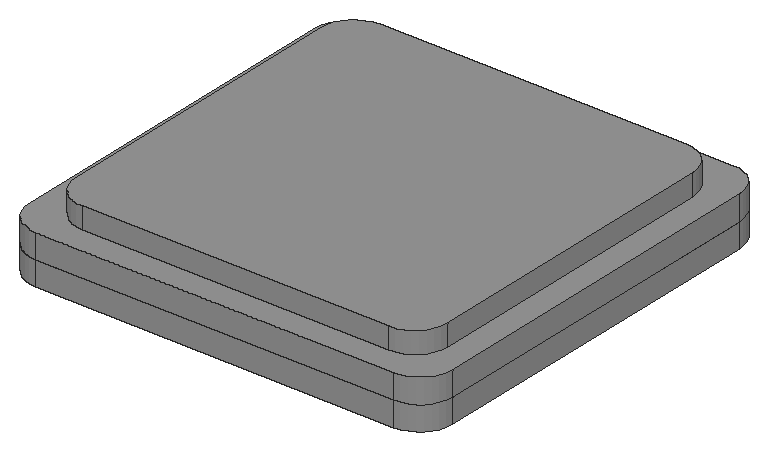
Revit family "FMS2_63_UN_Surface-mounted_ETK", category Lighting Fixtures, Revit 2019 (continued)
Definition of nested family "FMS.2 - Lightsource"
  Types (14, lengths in mm): name | Wattage Comments | Wattage | built-in parameter 1150134 | Photometric Web File | built-in parameter 1150142 | built-in parameter 1150105 | Lumens | built-in parameter 1150107 | built-in parameter 1150106 | Apparent Load
      9.7902\t542.9214\t536.0526\t529.1838\t521.4564\r\n513.4428\t505.7154\t497.988\t490.2606\t482.247\t474.5196\t466.7922\t459.0648\t451.3374\t443.61\r\n435.8826\t428.1552\t420.4278\t412.7004\t404.973\t397.5318\t389.8044\t382.077\t374.0634\t366.0498\r\n358.0362\t350.0226\t342.009\t333.9954\t325.9818\t317.9682\t309.9546\t301.941\t294.2136\t286.2\r\n278.3009\t270.4018\t262.5026\t254.6035\t246.733\t238.8625\t231.6789\t224.4953\t217.3403\t210.1853\r\n203.0303\t195.8753\t188.7489\t181.6225\t174.5248\t167.3984\t160.3006\t153.2029\t146.1051\t139.036\r\n131.9382\t124.8691\t117.7999\t108.5557\t95.5336\t82.4828\t69.4607\t56.4386\t43.4165\t30.3944\r\n17.3752\t4.3531\t0\t0\t0\t0\t0\t0\t0\t0\r\n0\r\n985.6728\t984.8142\t983.9556\t983.3832\t982.2384\t981.3798\t980.5212\t979.6626\t978.804\t977.9454\r\n976.8006\t975.942\t975.0834\t973.9386\t973.08\t971.649\t970.5042\t969.0732\t967.9284\t966.7836\r\n965.925\t964.7802\t963.063\t961.632\t960.201\t957.6252\t954.7632\t951.9012\t949.3254\t946.4634\r\n943.6014\t940.4532\t937.5912\t934.443\t931.0086\t927.8604\t924.9984\t921.8502\t918.9882\t915.84\r\n912.4056\t908.9712\t905.5368\t902.1024\t898.9542\t895.806\t892.3716\t888.9372\t885.5028\t880.6374\r\n876.0582\t871.479\t866.8998\t862.3206\t857.4552\t852.5898\t847.4382\t842.5728\t837.7074\t832.842\r\n827.9766\t822.825\t817.9596\t813.0942\t808.515\t803.6496\t798.7842\t793.6326\t788.7672\t783.9018\r\n778.7502\t773.0262\t766.7298\t760.4334\t754.4232\t748.1268\t742.1166\t735.8202\t729.81\t723.2274\r\n716.931\t710.6346\t704.3382\t698.328\t692.0316\t685.7352\t679.725\t673.4286\t667.1322\t660.8358\r\n654.8256\t648.5292\t641.6604\t634.7916\t627.6366\t620.4816\t613.3266\t606.1716\t599.0166\t591.8616\r\n584.7066\t577.5516\t570.6828\t563.5278\t556.3728\t549.504\t542.349\t535.194\t528.039\t520.884\r\n514.0152\t506.8602\t498.8466\t491.1192\t483.1056\t475.3782\t467.3646\t459.6372\t451.9098\t443.8962\r\n436.1688\t428.4414\t420.714\t412.9866\t404.973\t397.2456\t389.5182\t381.5046\t373.7772\t366.0498\r\n358.3224\t350.3088\t342.2952\t334.2816\t326.268\t318.5406\t310.527\t302.5134\t294.4998\t286.7724\r\n278.816\t270.9455\t263.1037\t255.2618\t247.4199\t239.6066\t231.7934\t224.1232\t217.0255\t209.9277\r\n202.8586\t195.7894\t188.7489\t181.7084\t174.6965\t167.6846\t160.6727\t153.6608\t146.6775\t139.6656\r\n132.7109\t125.7277\t118.773\t111.8183\t102.1734\t89.0654\t75.9575\t62.8781\t49.7702\t36.6908\r\n23.5915\t10.4978\t0\t0\t0\t0\t0\t0\t0\t0\r\n0\r\n985.6728\t984.8142\t984.2418\t983.3832\t982.5246\t981.666\t980.5212\t979.6626\t978.804\t977.9454\r\n977.0868\t976.2282\t975.0834\t973.9386\t972.7938\t971.3628\t970.218\t969.0732\t968.2146\t966.7836\r\n965.3526\t963.9216\t962.2044\t960.7734\t959.3424\t957.9114\t956.4804\t953.6184\t950.7564\t947.6082\r\n944.46\t941.0256\t938.1636\t935.3016\t932.1534\t929.0052\t925.5708\t921.8502\t918.4158\t915.2676\r\n912.1194\t908.9712\t905.2506\t901.8162\t898.3818\t894.9474\t891.513\t888.0786\t884.358\t880.6374\r\n876.6306\t872.6238\t867.7584\t863.1792\t858.3138\t853.1622\t848.2968\t843.4314\t838.2798\t833.1282\r\n828.2628\t823.1112\t817.9596\t813.0942\t807.9426\t802.791\t797.6394\t792.4878\t787.3362\t782.1846\r\n777.033\t771.8814\t766.7298\t761.5782\t756.4266\t750.1302\t743.8338\t737.5374\t731.241\t724.9446\r\n718.6482\t712.0656\t705.7692\t699.1866\t692.604\t686.0214\t679.725\t673.1424\t666.846\t660.2634\r\n653.967\t647.3844\t640.8018\t634.5054\t627.9228\t621.6264\t614.7576\t607.3164\t600.1614\t592.7202\r\n585.5652\t578.124\t570.969\t563.5278\t556.3728\t549.2178\t541.7766\t534.6216\t527.4666\t520.3116\r\n512.8704\t505.7154\t498.5604\t491.4054\t484.2504\t476.8092\t468.7956\t460.782\t453.0546\t445.041\r\n437.3136\t429.3\t421.2864\t413.2728\t405.5454\t397.5318\t389.8044\t381.7908\t374.0634\t366.0498\r\n358.3224\t350.595\t342.8676\t334.854\t326.8404\t318.8268\t311.0994\t303.0858\t295.0722\t287.3448\r\n279.3884\t271.5179\t263.6474\t255.8056\t247.9923\t240.179\t232.3944\t224.6384\t216.911\t209.2981\r\n202.2862\t195.3315\t188.3482\t181.3936\t174.4675\t167.5415\t160.6441\t153.7466\t146.8778\t140.009\r\n133.1689\t126.3287\t119.4885\t112.6769\t105.8654\t96.6211\t83.4273\t70.2621\t57.0969\t43.9031\r\n30.7379\t17.5498\t4.3703\t0\t0\t0\t0\t0\t0\t0\r\n0\r\n985.6728\t985.1004\t984.2418\t983.3832\t982.5246\t981.666\t980.8074\t979.9488\t979.0902\t978.2316\r\n977.373\t976.5144\t975.3696\t973.9386\t972.5076\t971.649\t970.5042\t969.3594\t967.9284\t966.4974\r\n964.7802\t963.3492\t961.632\t960.201\t958.77\t957.339\t955.6218\t953.6184\t951.9012\t948.753\r\n945.891\t943.029\t939.5946\t936.1602\t932.4396\t929.2914\t926.1432\t922.995\t919.5606\t915.84\r\n912.4056\t908.9712\t905.5368\t902.1024\t898.0956\t894.0888\t890.3682\t886.6476\t883.2132\t879.4926\r\n875.4858\t871.479\t867.4722\t863.4654\t859.4586\t854.8794\t849.7278\t844.8624\t839.7108\t834.273\r\n829.1214\t823.6836\t818.532\t813.3804\t807.9426\t802.791\t797.6394\t792.4878\t787.3362\t781.8984\r\n776.4606\t771.0228\t765.585\t760.1472\t754.7094\t748.9854\t743.5476\t737.8236\t732.672\t726.6618\r\n720.0792\t713.4966\t706.914\t700.3314\t693.7488\t687.1662\t680.5836\t674.001\t667.1322\t660.5496\r\n653.967\t647.0982\t640.5156\t633.933\t627.0642\t620.4816\t613.899\t607.3164\t600.4476\t593.865\r\n586.9962\t579.555\t572.1138\t564.6726\t557.2314\t549.7902\t542.349\t534.9078\t527.4666\t520.0254\r\n512.5842\t505.4292\t497.988\t490.5468\t483.1056\t475.9506\t468.5094\t461.3544\t453.9132\t446.472\r\n438.4584\t430.4448\t422.4312\t414.1314\t406.1178\t398.1042\t390.0906\t382.077\t374.3496\t366.336\r\n358.3224\t350.595\t342.5814\t334.854\t326.8404\t319.113\t311.3856\t303.372\t295.3584\t287.631\r\n279.6746\t271.8328\t264.0481\t256.2635\t248.5075\t240.7514\t233.024\t225.3253\t217.6551\t209.9849\r\n202.3434\t194.7019\t187.7472\t180.907\t174.0668\t167.2553\t160.4723\t153.718\t146.9637\t140.238\r\n133.5123\t126.8152\t120.1181\t113.4497\t106.8098\t100.17\t92.0992\t78.7909\t65.4826\t52.1743\r\n38.866\t25.5577\t12.2465\t0\t0\t0\t0\t0\t0\t0\r\n0\r\n985.6728\t985.1004\t984.2418\t983.6694\t982.8108\t981.9522\t981.0936\t980.235\t979.6626\t978.804\r\n977.6592\t976.5144\t975.3696\t973.9386\t972.7938\t971.9352\t970.7904\t969.0732\t967.6422\t966.2112\r\n964.494\t963.063\t961.3458\t959.9148\t958.1976\t956.1942\t954.1908\t952.7598\t951.0426\t949.3254\r\n946.7496\t943.8876\t940.4532\t937.5912\t934.443\t931.0086\t927.288\t923.8536\t920.4192\t916.9848\r\n913.2642\t909.2574\t905.5368\t901.8162\t898.3818\t894.6612\t890.6544\t886.3614\t882.3546\t878.3478\r\n874.341\t870.3342\t866.3274\t862.3206\t857.7414\t853.4484\t849.1554\t844.8624\t840.5694\t836.5626\r\n831.411\t826.2594\t820.8216\t815.0976\t809.3736\t803.9358\t798.2118\t792.774\t787.05\t781.6122\r\n775.8882\t770.4504\t765.0126\t759.5748\t753.8508\t748.1268\t742.4028\t736.6788\t730.9548\t725.2308\r\n719.5068\t713.7828\t708.0588\t702.3348\t696.3246\t689.4558\t682.587\t675.7182\t668.8494\t661.9806\r\n655.1118\t648.5292\t641.3742\t634.5054\t627.3504\t620.4816\t613.6128\t606.744\t599.8752\t592.7202\r\n585.8514\t578.9826\t572.1138\t565.245\t558.09\t551.5074\t543.78\t536.3388\t528.6114\t520.884\r\n513.1566\t505.4292\t497.988\t490.5468\t482.8194\t475.3782\t467.937\t460.2096\t452.7684\t445.3272\r\n437.886\t430.4448\t423.0036\t415.5624\t407.835\t399.5352\t391.5216\t383.2218\t375.2082\t367.1946\r\n359.181\t351.1674\t343.1538\t335.1402\t327.1266\t319.113\t311.3856\t303.372\t295.6446\t287.9172\r\n280.0181\t272.1762\t264.3629\t256.5783\t248.8509\t241.1235\t233.4533\t225.8118\t218.2275\t210.6432\r\n203.0875\t195.5605\t188.062\t180.5922\t173.38\t166.6829\t159.9858\t153.346\t146.7347\t140.1235\r\n133.5695\t127.0156\t120.4902\t113.9648\t107.4681\t101\t94.5319\t88.0637\t75.0416\t61.5616\r\n48.0816\t34.573\t21.0872\t7.5929\t0\t0\t0\t0\t0\t0\r\n0\r\n985.6728\t985.1004\t984.528\t983.6694\t982.8108\t981.9522\t981.3798\t980.8074\t979.9488\t979.0902\r\n978.2316\t976.8006\t975.3696\t974.2248\t973.3662\t972.2214\t970.7904\t969.0732\t967.6422\t965.925\r\n964.494\t962.7768\t961.3458\t959.3424\t957.339\t955.6218\t953.9046\t952.1874\t949.6116\t947.0358\r\n945.0324\t943.029\t941.0256\t938.4498\t935.874\t932.7258\t929.2914\t925.857\t921.8502\t918.1296\r\n914.409\t910.9746\t907.254\t903.2472\t898.9542\t894.9474\t890.9406\t886.9338\t882.6408\t878.634\r\n874.341\t869.7618\t865.4688\t861.1758\t856.8828\t852.5898\t848.2968\t844.0038\t839.4246\t834.5592\r\n829.6938\t825.1146\t820.2492\t815.67\t811.0908\t806.2254\t800.5014\t795.0636\t789.3396\t783.6156\r\n777.6054\t771.5952\t765.585\t759.5748\t753.8508\t747.8406\t742.1166\t736.1064\t730.0962\t724.086\r\n718.0758\t712.3518\t706.3416\t700.3314\t694.3212\t688.0248\t682.0146\t676.0044\t669.9942\t663.984\r\n657.6876\t650.8188\t643.6638\t636.2226\t629.0676\t621.9126\t614.7576\t607.8888\t600.4476\t593.2926\r\n585.8514\t578.6964\t571.5414\t564.3864\t557.2314\t550.0764\t542.9214\t535.7664\t528.6114\t521.4564\r\n514.3014\t507.1464\t499.7052\t491.6916\t483.9642\t476.2368\t468.2232\t460.4958\t452.7684\t445.041\r\n437.3136\t429.5862\t422.145\t414.4176\t406.9764\t399.249\t391.8078\t384.3666\t376.9254\t368.9118\r\n360.8982\t352.5984\t344.2986\t335.9988\t327.9852\t319.9716\t311.958\t303.9444\t296.217\t288.2034\r\n280.2184\t272.3193\t264.4488\t256.6069\t248.9368\t241.2952\t233.6823\t226.1266\t218.5709\t211.0439\r\n203.5454\t196.1042\t188.6917\t181.3363\t174.0382\t166.7687\t159.4993\t152.7163\t146.2196\t139.7515\r\n133.312\t126.9297\t120.5474\t114.1938\t107.8688\t101.5724\t95.3046\t89.0368\t82.7977\t72.4372\r\n58.6424\t44.8762\t31.0813\t17.3037\t3.5117\t0\t0\t0\t0\t0\r\n0\r\n985.6728\t985.1004\t984.528\t983.9556\t983.097\t982.2384\t981.666\t981.0936\t980.235\t979.3764\r\n978.2316\t976.8006\t975.942\t974.7972\t973.9386\t972.5076\t970.7904\t969.3594\t967.6422\t966.2112\r\n964.494\t963.063\t961.0596\t959.0562\t957.339\t955.6218\t953.3322\t950.7564\t948.4668\t946.4634\r\n944.46\t941.8842\t939.3084\t937.0188\t934.443\t931.8672\t929.0052\t926.1432\t923.5674\t920.9916\r\n917.271\t912.978\t908.685\t904.9644\t900.9576\t896.6646\t892.3716\t888.0786\t883.7856\t879.4926\r\n874.9134\t870.6204\t866.3274\t862.0344\t857.4552\t852.876\t848.0106\t843.1452\t838.2798\t833.4144\r\n828.8352\t824.256\t819.3906\t814.5252\t809.6598\t804.5082\t799.3566\t794.205\t788.7672\t783.6156\r\n778.464\t773.0262\t767.8746\t761.8644\t755.8542\t749.844\t743.8338\t737.5374\t731.241\t724.9446\r\n718.362\t712.0656\t706.0554\t699.759\t693.4626\t687.1662\t680.5836\t674.2872\t667.7046\t661.4082\r\n655.1118\t648.5292\t641.9466\t635.364\t629.0676\t622.7712\t616.1886\t609.606\t603.0234\t595.8684\r\n588.7134\t581.5584\t573.831\t566.3898\t558.9486\t551.2212\t543.4938\t536.0526\t528.3252\t520.884\r\n513.4428\t506.0016\t498.8466\t491.4054\t483.9642\t476.2368\t468.7956\t461.6406\t454.1994\t446.472\r\n438.4584\t430.4448\t422.4312\t414.7038\t406.6902\t398.9628\t390.9492\t383.2218\t375.4944\t367.4808\r\n359.7534\t352.3122\t344.5848\t336.8574\t329.4162\t321.4026\t313.389\t305.0892\t297.0756\t289.062\r\n280.9912\t273.0348\t265.1357\t257.2652\t249.4519\t241.6959\t233.9685\t226.2983\t218.6854\t211.187\r\n203.7458\t196.3618\t189.0065\t181.737\t174.4961\t167.3411\t160.2148\t153.1456\t146.1337\t139.1504\r\n132.6251\t126.3573\t120.1754\t113.9935\t107.8688\t101.7441\t95.6767\t89.6378\t83.599\t77.6174\r\n71.0062\t56.7821\t42.5579\t28.3309\t14.1011\t0\t0\t0\t0\t0\r\n0\r\n985.6728\t985.1004\t984.8142\t983.9556\t983.3832\t982.5246\t981.9522\t981.3798\t980.8074\t979.9488\r\n978.5178\t977.373\t976.5144\t975.6558\t974.2248\t972.7938\t971.0766\t969.6456\t967.9284\t966.4974\r\n965.0664\t963.063\t961.0596\t959.3424\t957.6252\t955.3356\t952.7598\t950.4702\t948.4668\t946.1772\r\n943.6014\t941.0256\t938.4498\t936.1602\t933.2982\t930.15\t927.5742\t924.9984\t922.1364\t918.702\r\n915.2676\t912.4056\t909.2574\t905.823\t902.3886\t898.9542\t894.9474\t890.3682\t886.0752\t881.7822\r\n877.4892\t873.1962\t868.3308\t863.7516\t858.8862\t854.0208\t849.1554\t844.29\t839.7108\t834.5592\r\n829.6938\t824.5422\t819.3906\t814.239\t809.0874\t803.6496\t798.498\t793.0602\t787.6224\t782.1846\r\n776.7468\t771.5952\t766.1574\t760.4334\t754.7094\t748.9854\t743.2614\t737.5374\t731.8134\t726.0894\r\n720.3654\t714.9276\t708.345\t701.7624\t694.8936\t688.311\t681.7284\t674.8596\t668.277\t661.6944\r\n654.8256\t648.243\t641.6604\t634.7916\t627.9228\t621.3402\t614.4714\t607.6026\t600.7338\t593.865\r\n586.9962\t580.1274\t572.9724\t566.1036\t559.2348\t552.6522\t545.7834\t539.2008\t532.0458\t524.0322\r\n516.3048\t508.2912\t500.2776\t492.5502\t484.5366\t476.8092\t469.0818\t461.3544\t453.627\t445.8996\r\n438.1722\t430.4448\t422.7174\t414.99\t407.2626\t399.5352\t391.8078\t384.0804\t376.0668\t368.0532\r\n360.0396\t352.026\t344.0124\t336.285\t328.2714\t320.2578\t312.5304\t304.803\t297.0756\t289.3482\r\n281.907\t274.3227\t266.2232\t258.181\t250.196\t242.2969\t234.455\t226.7276\t219.0575\t211.4446\r\n203.8889\t196.4191\t188.9779\t181.7084\t174.5248\t167.427\t160.4151\t153.4604\t146.563\t139.7515\r\n132.9971\t126.3001\t119.6888\t113.3924\t107.4109\t101.4865\t95.6194\t89.7809\t83.9711\t78.1898\r\n72.4658\t66.7418\t56.2097\t41.2987\t26.3819\t11.4394\t0\t0\t0\t0\r\n0\r\n985.6728\t985.3866\t984.8142\t984.2418\t983.3832\t983.097\t982.5246\t981.9522\t981.3798\t980.235\r\n979.0902\t977.9454\t977.0868\t976.2282\t974.7972\t973.08\t971.649\t969.9318\t968.5008\t967.0698\r\n965.3526\t963.3492\t961.632\t959.9148\t957.6252\t955.0494\t952.7598\t950.7564\t948.4668\t945.891\r\n943.6014\t941.0256\t938.4498\t935.3016\t932.4396\t929.8638\t927.288\t923.8536\t920.4192\t917.271\r\n914.1228\t910.9746\t907.5402\t904.1058\t900.3852\t896.6646\t892.944\t889.5096\t885.789\t882.0684\r\n878.0616\t874.0548\t870.048\t865.755\t861.462\t857.169\t852.3036\t847.152\t842.2866\t837.135\r\n831.9834\t826.8318\t821.6802\t816.2424\t811.0908\t805.3668\t799.929\t794.205\t788.7672\t783.3294\r\n777.6054\t771.8814\t766.1574\t760.4334\t754.7094\t748.6992\t742.689\t736.6788\t730.6686\t724.6584\r\n718.6482\t712.3518\t706.3416\t700.0452\t694.035\t687.7386\t681.4422\t675.1458\t669.1356\t662.8392\r\n655.9704\t649.3878\t643.0914\t636.795\t630.2124\t623.0574\t615.9024\t608.7474\t601.5924\t594.1512\r\n586.9962\t579.8412\t572.6862\t565.5312\t558.09\t550.935\t543.4938\t536.3388\t528.8976\t521.7426\r\n514.3014\t507.1464\t499.9914\t492.8364\t485.6814\t478.2402\t471.0852\t463.644\t456.489\t448.7616\r\n440.4618\t432.162\t424.1484\t416.1348\t408.1212\t400.1076\t392.094\t384.0804\t375.7806\t367.767\r\n360.0396\t352.3122\t344.2986\t336.5712\t328.8438\t321.1164\t313.389\t305.3754\t297.0756\t289.062\r\n281.077\t273.2638\t265.4791\t257.7803\t250.0816\t242.4686\t234.9416\t227.5576\t220.2881\t212.5321\r\n204.7761\t197.1059\t189.5216\t182.0518\t174.7537\t167.5701\t160.4723\t153.4891\t146.563\t139.7801\r\n133.083\t126.4718\t119.9464\t113.5069\t107.1533\t100.8569\t94.7608\t89.1227\t83.5418\t78.0181\r\n72.5231\t67.0853\t61.7047\t56.3242\t41.3559\t25.2972\t9.2128\t0\t0\t0\r\n0\r\n985.6728\t985.3866\t984.8142\t984.2418\t983.6694\t983.3832\t982.8108\t982.2384\t981.666\t980.8074\r\n979.3764\t978.5178\t977.9454\t976.8006\t975.3696\t973.9386\t972.2214\t970.7904\t969.3594\t967.6422\r\n965.925\t963.9216\t962.2044\t960.4872\t957.9114\t955.3356\t953.3322\t951.3288\t948.753\t946.4634\r\n943.8876\t941.3118\t938.4498\t935.3016\t932.7258\t930.15\t926.7156\t923.2812\t919.8468\t916.9848\r\n913.5504\t910.116\t906.6816\t902.961\t899.2404\t895.5198\t891.7992\t888.3648\t884.358\t880.3512\r\n876.3444\t871.7652\t867.4722\t863.4654\t859.1724\t854.8794\t850.3002\t845.721\t841.1418\t836.5626\r\n831.9834\t827.118\t822.5388\t817.3872\t812.2356\t807.3702\t802.2186\t797.3532\t792.2016\t786.7638\r\n781.326\t775.602\t769.5918\t763.2954\t757.2852\t750.9888\t744.9786\t738.9684\t732.9582\t726.6618\r\n720.3654\t714.069\t707.7726\t701.4762\t694.8936\t688.5972\t682.0146\t675.432\t668.5632\t661.9806\r\n655.1118\t648.5292\t641.9466\t635.364\t628.4952\t621.6264\t614.7576\t607.8888\t601.02\t594.1512\r\n586.9962\t580.1274\t572.9724\t566.1036\t558.9486\t551.7936\t544.6386\t537.7698\t530.6148\t523.746\r\n516.3048\t508.5774\t500.5638\t492.8364\t485.109\t477.3816\t469.6542\t461.9268\t454.1994\t446.472\r\n438.7446\t431.0172\t423.0036\t415.2762\t407.835\t400.1076\t392.3802\t384.6528\t377.2116\t369.4842\r\n362.043\t354.3156\t346.5882\t338.2884\t329.9886\t321.975\t313.6752\t305.3754\t297.3618\t289.3482\r\n281.4491\t273.5213\t265.6508\t257.8948\t250.2247\t242.669\t235.0847\t227.2714\t219.5154\t211.8739\r\n204.3468\t196.9056\t189.5789\t182.3666\t175.3261\t168.4001\t161.3309\t154.1473\t147.1068\t140.1521\r\n133.3692\t126.7294\t120.204\t113.7645\t107.5253\t101.4007\t95.3618\t89.4089\t83.5418\t77.7892\r\n72.4372\t67.2284\t62.1054\t57.0397\t52.0312\t44.0748\t25.7923\t7.4555\t0\t0\r\n0\r\n985.6728\t985.3866\t985.1004\t984.528\t983.9556\t983.6694\t983.3832\t982.8108\t982.2384\t981.0936\r\n979.9488\t979.3764\t978.804\t977.373\t976.2282\t974.511\t973.08\t971.649\t970.218\t968.5008\r\n966.7836\t965.0664\t963.3492\t961.0596\t958.77\t956.4804\t954.477\t952.1874\t949.8978\t947.322\r\n944.7462\t941.8842\t939.0222\t936.1602\t933.5844\t930.7224\t927.0018\t923.5674\t920.7054\t917.271\r\n914.1228\t910.6884\t906.9678\t903.2472\t899.5266\t895.806\t892.0854\t888.3648\t884.358\t880.065\r\n875.4858\t871.1928\t866.8998\t862.893\t858.3138\t853.7346\t849.1554\t844.29\t839.7108\t834.8454\r\n830.2662\t825.4008\t820.2492\t814.8114\t809.946\t805.0806\t799.929\t794.7774\t789.6258\t784.188\r\n778.7502\t773.0262\t767.3022\t761.5782\t755.8542\t750.4164\t744.6924\t738.9684\t733.2444\t727.2342\r\n721.224\t715.2138\t709.2036\t703.1934\t696.897\t690.8868\t684.5904\t678.0078\t671.4252\t665.1288\r\n658.8324\t652.536\t645.9534\t638.7984\t631.9296\t625.0608\t618.192\t610.7508\t603.3096\t596.1546\r\n589.2858\t581.8446\t574.4034\t567.2484\t560.0934\t552.9384\t545.4972\t537.7698\t530.3286\t522.6012\r\n515.16\t507.7188\t500.2776\t492.5502\t485.109\t477.3816\t469.9404\t462.213\t454.4856\t446.7582\r\n439.0308\t431.0172\t423.576\t415.8486\t408.1212\t400.3938\t392.6664\t385.2252\t377.4978\t369.7704\r\n361.4706\t353.457\t345.1572\t337.1436\t328.8438\t321.1164\t313.389\t305.3754\t297.3618\t289.3482\r\n281.5922\t273.8362\t266.1374\t258.5245\t250.9974\t243.5276\t236.0864\t228.3304\t220.345
      4\t212.5035\r\n204.7475\t197.1918\t189.6934\t182.2808\t175.0113\t167.8277\t160.8158\t153.8325\t146.8778\t140.0949\r\n133.3978\t126.9011\t120.6047\t114.5086\t108.155\t101.6869\t95.4477\t89.4661\t83.7421\t78.1326\r\n72.6376\t67.2856\t62.0768\t57.0397\t52.4032\t47.8813\t43.4452\t29.5072\t6.0932\t0\r\n0\r\n985.6728\t985.3866\t985.1004\t984.8142\t984.2418\t983.9556\t983.6694\t983.3832\t983.097\t981.9522\r\n980.5212\t980.235\t979.6626\t978.2316\t977.0868\t975.6558\t973.9386\t972.7938\t971.3628\t969.6456\r\n967.9284\t966.2112\t964.7802\t962.4906\t959.9148\t957.9114\t955.908\t953.6184\t951.3288\t949.0392\r\n946.4634\t943.3152\t940.4532\t937.8774\t935.3016\t931.8672\t928.1466\t924.9984\t922.1364\t918.9882\r\n915.5538\t912.1194\t908.685\t904.6782\t900.9576\t897.237\t893.8026\t889.7958\t885.5028\t881.2098\r\n876.6306\t872.3376\t868.3308\t863.7516\t859.4586\t854.5932\t850.014\t845.1486\t840.2832\t835.4178\r\n830.8386\t825.687\t820.2492\t815.3838\t810.5184\t805.3668\t800.2152\t795.0636\t789.6258\t784.188\r\n778.1778\t772.74\t767.016\t761.0058\t754.9956\t749.5578\t744.12\t738.1098\t732.0996\t725.8032\r\n719.793\t713.4966\t707.4864\t701.4762\t695.1798\t688.5972\t682.0146\t675.7182\t669.1356\t662.553\r\n656.2566\t649.674\t642.8052\t636.2226\t629.9262\t623.0574\t615.9024\t608.7474\t602.1648\t595.0098\r\n588.141\t581.2722\t574.4034\t567.2484\t560.0934\t552.6522\t545.211\t538.056\t530.6148\t523.4598\r\n516.3048\t508.8636\t501.4224\t493.9812\t486.54\t479.0988\t471.6576\t463.9302\t456.2028\t448.4754\r\n441.0342\t433.593\t425.8656\t418.1382\t410.1246\t402.3972\t394.6698\t387.2286\t379.215\t370.9152\r\n362.9016\t354.888\t346.5882\t338.5746\t330.2748\t321.975\t313.9614\t305.9478\t297.9342\t289.9206\r\n281.907\t273.8934\t266.0515\t258.2383\t250.3964\t242.5259\t234.7985\t227.1856\t219.5726\t212.017\r\n204.4899\t197.0773\t189.7506\t182.5384\t175.1544\t167.9422\t160.8158\t153.7466\t146.792\t140.1521\r\n133.6554\t127.2731\t121.0054\t114.709\t107.9546\t101.4007\t95.3332\t89.3803\t83.6849\t77.9895\r\n72.4945\t67.3429\t62.2199\t56.9538\t51.9739\t47.5092\t43.4738\t40.2397\t37.5494\t5.3004\r\n0" | 222.82 (stored number, unit not read) | 2800 lm | 3000 (stored number, unit not read) | 2.2282 (stored number, unit not read) | 38 VA
